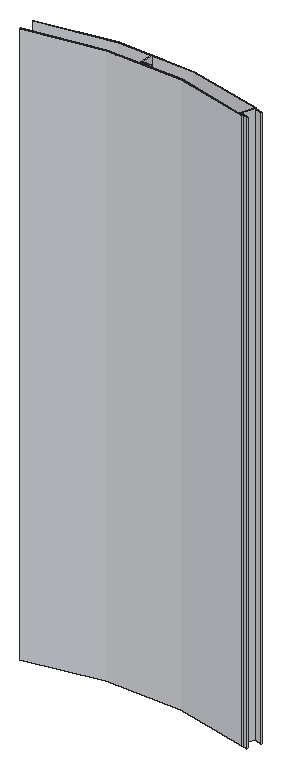
Revit family "elemento parete curva", category Modelli generici, host Superficie, Revit 2013
Parameters
  spessore_parete = 81.5 mm
  raggio_interno [instance] = 2000 mm
  raggio_esterno [instance] = raggio_interno + spessore_parete  # 2081.5 mm
  Default Elevation = 1219.2 mm
Reference planes
  plane 1 "Centro (Fronte/Retro)": y = 0
  plane 2: z = 0
  plane 3 "Centro (Sinistra/Destra)": x = 0
  plane 4: through (0, 0, 1219.2) normal (-0.9553, 0.2955, 0)
Lines and regions (mm)
  reference lines
    curve 1: circle (0, 0, 0) r 2000 normal (0, 0, 1)
    curve 2: circle (0, 0, 0) r 2081.5 normal (0, 0, 1)
Dimensions and locks
  "raggio_interno": radius of curve 1
  "raggio_esterno": radius of curve 2
  aligned and locked: plane 2 to host face
  aligned and locked: level to host face
Automatic sketch dimensions
  host sketch curve to host sketch curve = 2438.4 mm  (x2)
  curve 1 to curve 2 = 0 mm  (x2)
  plane 1 "Centro (Fronte/Retro)" to curve 2 = 0 mm
  curve 2 to plane 3 "Centro (Sinistra/Destra)" = 0 mm
Nested families
  nested 1: "pannelli" at (0, 0, 0), raggio <- "raggio_interno", type "pannelli"
    with raggio_interno 1993.5 mm, raggio 2000 mm, mezzo angolo 17.1887°
  nested 2: "pannelli" at (0, 0, 0), raggio <- "raggio_esterno", type "pannelli"
    with raggio_interno 2075 mm, raggio 2081.5 mm, mezzo angolo 16.5157°
  nested 3: "profili montanti con raggio" at (0, 0, 0) x (0.9553, -0.2955, 0) z (0, 0, 1), raggio <- "raggio_interno", type "profili montanti con raggio"
    with raggio 2000 mm
  nested 4: "profili montanti con raggio" at (0, 0, 0), raggio <- "raggio_interno", type "profili montanti con raggio"
    with raggio 2000 mm
Definition of nested family "pannelli"
  Parameters (values of type "pannelli")
    spessore = 6.5 mm
    raggio_interno [instance] = raggio - spessore  # 1993.5 mm
    raggio [instance] = 2000 mm
    lunghezza arco [instance] = 1200 mm
    lunghezza = 1200 mm
    mezzo angolo [instance] = lunghezza * 57.2958° / raggio / 2  # 17.1887°
    altezza = 3000 mm
  Reference planes
    plane 1 "Centro (Fronte/Retro)": y = 0
    plane 2: z = 0
    plane 3 "Centro (Sinistra/Destra)": x = 0
    plane 4: through (0, 0, 1200) normal (-0.9553, 0.2955, 0)
    plane 5: through (0, 0, 1200) normal (-0.9553, -0.2955, 0)
    plane 6: z = 3000
  Forms (mm)
    Extrusion 1, solid
      sketch origin (0, 0, 0) x (1, 0, 0) y (0, 1, 0)
        loop
          line (-591.04, 1910.673) -> (-589.12, 1904.463)
          arc (-589.12, 1904.463) -> (0, 1993.5) -> (589.12, 1904.463) r 1993.5
          line (589.12, 1904.463) -> (591.04, 1910.673)
          arc (591.04, 1910.673) -> (0, 2000) -> (-591.04, 1910.673) r 2000
      from 0 to 3000
  Lines and regions (mm)
    reference lines
      curve 1: circle (0, 0, 0) r 2000 normal (0, 0, 1)
      curve 2: circle (0, 0, 0) r 1993.5 normal (0, 0, 1)
  Dimensions and locks
    "altezza": plane 6 to curve 2
    "raggio": radius of curve 1
    "raggio_interno": radius of curve 2
    "mezzo angolo": angle plane 3 "Centro (Sinistra/Destra)" to plane 5
    "mezzo angolo": angle plane 4 to plane 3 "Centro (Sinistra/Destra)"
    equal spacing: plane 4, plane 3 "Centro (Sinistra/Destra)", plane 5
    "lunghezza arco": arc length of Extrusion 1  (x2)
    aligned and locked: level to plane 2
    aligned and locked: plane 5 to Extrusion 1
    aligned and locked: plane 4 to Extrusion 1
    aligned and locked: Extrusion 1 sketch curve to curve 1
    aligned and locked: Extrusion 1 sketch curve to curve 2
    aligned and locked: plane 6 to Extrusion 1
  Automatic sketch dimensions
    plane 5 to Extrusion 1 sketch curve = 0 mm  (x2)
    plane 4 to Extrusion 1 sketch curve = 0 mm  (x2)
    curve 1 to curve 2 = 0 mm  (x2)
    plane 1 "Centro (Fronte/Retro)" to curve 2 = 0 mm
    curve 2 to plane 3 "Centro (Sinistra/Destra)" = 0 mm
Definition of nested family "profili montanti con raggio"
  Parameters (values of type "profili montanti con raggio")
    spessore = 6 mm
    raggio [instance] = 200 mm
    profondità = 75 mm
    larghezza = 50 mm
    altezza = 3000 mm
  Reference planes
    plane 1 "Centro (Fronte/Retro)": y = 0
    plane 2: z = 0
    plane 3 "Centro (Sinistra/Destra)": x = 0
    plane 4: y = 200
    plane 5: y = 206
    plane 6: x = -19
    plane 7: x = -25
    plane 8: y = 275
    plane 9: y = 269
    plane 10: x = 25
    plane 11: z = 3000
  Forms (mm)
    Extrusion 1, solid
      sketch origin (0, 0, 0) x (1, 0, 0) y (0, 1, 0)
        loop
          line (-25, 275) -> (-25, 200) -> (25, 200) -> (25, 206) -> (-19, 206) -> (-19, 269) -> (25, 269) -> (25, 275) -> (-25, 275)
      from 0 to 3000
  Dimensions and locks
    "spessore": plane 7 to plane 6
    "spessore": plane 5 to plane 4
    "profondità": plane 8 to plane 4
    "spessore": plane 8 to plane 9
    equal spacing: plane 7, plane 3 "Centro (Sinistra/Destra)", plane 10
    "larghezza": plane 7 to plane 10
    "raggio": plane 4 to plane 1 "Centro (Fronte/Retro)"
    "altezza": plane 11 to level
    aligned and locked: level to plane 2
    aligned and locked: plane 8 to Extrusion 1
    aligned and locked: Extrusion 1 to plane 9
    aligned and locked: plane 10 to Extrusion 1  (x2)
    aligned and locked: Extrusion 1 to plane 7
    aligned and locked: plane 6 to Extrusion 1
    aligned and locked: plane 5 to Extrusion 1
    aligned and locked: Extrusion 1 to plane 4
    aligned and locked: plane 11 to Extrusion 1
  Automatic sketch dimensions
    Extrusion 1 sketch curve to plane 5 = 0 mm
    Extrusion 1 sketch curve to plane 6 = 0 mm
    Extrusion 1 sketch curve to plane 9 = 0 mm
    Extrusion 1 sketch curve to plane 10 = 0 mm  (x2)
    Extrusion 1 sketch curve to plane 7 = 0 mm
    Extrusion 1 sketch curve to plane 4 = 0 mm
    Extrusion 1 sketch curve to plane 8 = 0 mm
